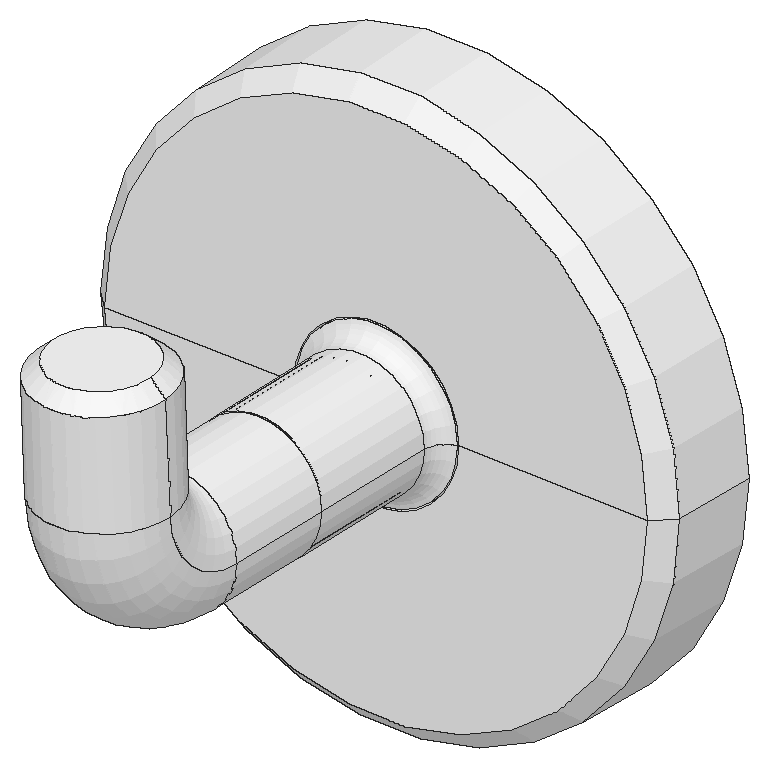
Revit family "53967__Haken HAK", category Generic Models, Revit 2014
Parameters
  Color = White
Reference planes
  plane 1 "Center (Front/Back)": y = 0
  plane 2: z = 1033.853
  plane 3 "Center (Left/Right)": x = 0
Forms (mm)
  Revolve 1, solid, material "White" <- "Color", detail levels fine
    sketch origin (0, 0, 1033.853) x (1, 0, 0) y (0, 1, 0)
      loop
        line (-26.036, -7.439) -> (-24.431, -9) -> (-7.427, -9) -> (-7.427, -7.6) -> (-20.966, -7.6) -> (-23.746, -7.6) -> (-24.602, -6.744) -> (-24.789, 0) -> (-26.243, 0) -> (-26.036, -7.439)
      axis (0, 0) -> (0, -9)
    angle from 0 to 360
  Sweep 2, solid, material "White" <- "Color", detail levels fine
    path origin (0, 10, 0) x (0, 1, 0) y (0, 0, -1)
      loop
        line (-22.4, -1033.853) -> (-41.903, -1033.853)
        arc (-41.903, -1033.853) -> (-47.066, -1035.912) -> (-49.393, -1040.96) r 7.5
        line (-49.393, -1040.96) -> (-49.964, -1051.853)
    profile origin (0, -22.151, 1033.853) x (0, 0, 1) y (-1, 0, 0)
      loop
        circle (0, 0) r 5.75
  Sweep 3, void, detail levels fine
    path in 3D
      loop
        arc (5.75, -39.931, 1051.852) -> (0, -34.189, 1052.153) -> (-5.75, -39.931, 1051.852) r 5.75
        arc (-5.75, -39.931, 1051.852) -> (0, -45.673, 1051.551) -> (5.75, -39.931, 1051.852) r 5.75
    profile "Chamfer Profile : Chamfer Profile" origin (0, -34.189, 1052.153) x (0, 1, 0) y (0, 0, 1)
      loop
        line (-0.41, 0.531) -> (-0.41, -1.71) -> (1.831, 0.531) -> (-0.41, 0.531)
  Revolve 4, solid, material "White" <- "Color", detail levels fine
    sketch origin (0, 0, 1033.853) x (1, 0, 0) y (0, 1, 0)
      loop
        line (0, -0.097) -> (-6.277, -0.097)
        arc (-6.277, -0.097) -> (-6.984, -0.39) -> (-7.277, -1.097) r 1
        line (-7.277, -1.097) -> (-7.277, -9)
        arc (-7.277, -9) -> (-6.203, -9.721) -> (-5.8, -10.95) r 1.987
        line (-5.8, -10.95) -> (-5.8, -22.4) -> (0, -22.4) -> (0, -0.097)
      axis (0, -0.097) -> (0, -22.4)
    angle from 0 to 360
  Extrusion 5, void
    sketch origin (0, 0, 1033.853) x (1, 0, 0) y (0, 1, 0)
      loop
        line (-8.61, -3.251) -> (-8.61, -5.551) -> (-4.439, -5.551)
        arc (-4.439, -5.551) -> (-4.086, -5.405) -> (-3.939, -5.051) r 0.5
        line (-3.939, -5.051) -> (-3.939, -3.751)
        arc (-3.939, -3.751) -> (-4.086, -3.398) -> (-4.439, -3.251) r 0.5
        line (-4.439, -3.251) -> (-8.61, -3.251)
      loop
        line (8.61, -3.251) -> (4.439, -3.251)
        arc (4.439, -3.251) -> (4.086, -3.398) -> (3.939, -3.751) r 0.5
        line (3.939, -3.751) -> (3.939, -5.051)
        arc (3.939, -5.051) -> (4.086, -5.405) -> (4.439, -5.551) r 0.5
        line (4.439, -5.551) -> (8.61, -5.551) -> (8.61, -3.251)
    from -50 to 50
  Revolve 6, void
    sketch origin (0, 0, 1033.853) x (1, 0, 0) y (0, 1, 0)
      loop
        line (-19.398, -5.051) -> (-21.579, -5.051) -> (-21.579, -6.877) -> (-17.261, -6.877) -> (-17.261, 1.047) -> (-20.436, 1.047) -> (-20.436, -0.051)
        arc (-20.436, -0.051) -> (-19.764, -0.323) -> (-19.469, -0.985) r 0.968
        line (-19.469, -0.985) -> (-19.398, -5.051)
      axis (-17.261, 1.047) -> (-17.261, -6.877)
    angle from 0 to 360
  Revolve 7, void
    sketch origin (-0.01, 0, 1033.849) x (0.707107, 0, 0.707107) y (0, 1, 0)
      loop
        line (-19.398, -5.051) -> (-21.579, -5.051) -> (-21.579, -6.877) -> (-17.261, -6.877) -> (-17.261, 1.047) -> (-20.436, 1.047) -> (-20.436, -0.051)
        arc (-20.436, -0.051) -> (-19.764, -0.323) -> (-19.469, -0.985) r 0.968
        line (-19.469, -0.985) -> (-19.398, -5.051)
      axis (-17.261, 1.047) -> (-17.261, -6.877)
    angle from 0 to 360
  Revolve 8, void
    sketch origin (0, 0, 1033.853) x (-1, 0, 0) y (0, 1, 0)
      loop
        line (-19.398, -5.051) -> (-21.579, -5.051) -> (-21.579, -6.877) -> (-17.261, -6.877) -> (-17.261, 1.047) -> (-20.436, 1.047) -> (-20.436, -0.051)
        arc (-20.436, -0.051) -> (-19.764, -0.323) -> (-19.469, -0.985) r 0.968
        line (-19.469, -0.985) -> (-19.398, -5.051)
      axis (-17.261, 1.047) -> (-17.261, -6.877)
    angle from 0 to 360
  Revolve 9, void
    sketch origin (0.015, 0, 1033.866) x (0, 0, 1) y (0, 1, 0)
      loop
        line (-19.398, -5.051) -> (-21.579, -5.051) -> (-21.579, -6.877) -> (-17.261, -6.877) -> (-17.261, 1.047) -> (-20.436, 1.047) -> (-20.436, -0.051)
        arc (-20.436, -0.051) -> (-19.764, -0.323) -> (-19.469, -0.985) r 0.968
        line (-19.469, -0.985) -> (-19.398, -5.051)
      axis (-17.261, 1.047) -> (-17.261, -6.877)
    angle from 0 to 360
  Revolve 10, void
    sketch origin (0.01, 0, 1033.849) x (-0.707107, 0, 0.707107) y (0, -1, 0)
      loop
        line (-19.398, 5.051) -> (-19.469, 0.985)
        arc (-19.469, 0.985) -> (-19.764, 0.323) -> (-20.436, 0.051) r 0.968
        line (-20.436, 0.051) -> (-20.436, -1.047) -> (-17.261, -1.047) -> (-17.261, 6.877) -> (-21.579, 6.877) -> (-21.579, 5.051) -> (-19.398, 5.051)
      axis (-17.261, -1.047) -> (-17.261, 6.877)
    angle from 0 to 360
  Revolve 11, void
    sketch origin (-0.01, 0, 1033.856) x (0.707107, 0, -0.707107) y (0, -1, 0)
      loop
        line (-19.398, 5.051) -> (-19.469, 0.985)
        arc (-19.469, 0.985) -> (-19.764, 0.323) -> (-20.436, 0.051) r 0.968
        line (-20.436, 0.051) -> (-20.436, -1.047) -> (-17.261, -1.047) -> (-17.261, 6.877) -> (-21.579, 6.877) -> (-21.579, 5.051) -> (-19.398, 5.051)
      axis (-17.261, -1.047) -> (-17.261, 6.877)
    angle from 0 to 360
  Revolve 12, void
    sketch origin (0.01, 0, 1033.856) x (-0.707107, 0, -0.707107) y (0, 1, 0)
      loop
        line (-19.398, -5.051) -> (-21.579, -5.051) -> (-21.579, -6.877) -> (-17.261, -6.877) -> (-17.261, 1.047) -> (-20.436, 1.047) -> (-20.436, -0.051)
        arc (-20.436, -0.051) -> (-19.764, -0.323) -> (-19.469, -0.985) r 0.968
        line (-19.469, -0.985) -> (-19.398, -5.051)
      axis (-17.261, 1.047) -> (-17.261, -6.877)
    angle from 0 to 360
  Extrusion 13, solid, material "White" <- "Color", detail levels fine
    sketch origin (0, 0, 0) x (1, 0, 0) y (0, 0, 1)
      loop
        line (-7.5, 1057.163) -> (-7.5, 1033.735)
        arc (-7.5, 1033.735) -> (0.051, 1026.339) -> (7.5, 1033.839) r 7.5
        line (7.5, 1033.839) -> (7.5, 1057.162)
        arc (7.5, 1057.162) -> (-0.001, 1009.339) -> (-7.5, 1057.163) r 24.5
    from 0.051 to 5.551
  Extrusion 14, solid, material "White" <- "Color", detail levels fine
    sketch origin (0, 0, 0) x (1, 0, 0) y (0, 0, 1)
      loop
        arc (7.5, 1057.163) -> (7.005, 1057.153) -> (6.604, 1056.862) r 0.826
        line (6.604, 1056.862) -> (4.185, 1053.409)
        arc (4.185, 1053.409) -> (3.983, 1053) -> (3.914, 1052.549) r 1.5
        line (3.914, 1052.549) -> (3.914, 1033.839)
        arc (3.914, 1033.839) -> (0.086, 1029.925) -> (-3.911, 1033.665) r 3.914
        line (-3.911, 1033.665) -> (-3.911, 1052.54)
        arc (-3.911, 1052.54) -> (-3.98, 1052.995) -> (-4.183, 1053.407) r 1.5
        line (-4.183, 1053.407) -> (-6.59, 1056.844)
        arc (-6.59, 1056.844) -> (-6.994, 1057.15) -> (-7.5, 1057.163) r 0.826
        line (-7.5, 1057.163) -> (-7.5, 1033.735)
        arc (-7.5, 1033.735) -> (0.051, 1026.339) -> (7.5, 1033.839) r 7.5
        line (7.5, 1033.839) -> (7.5, 1057.163)
    from 3.251 to 5.551
  Revolve 15, solid, material "White" <- "Color", detail levels medium
    sketch origin (0, 0, 1033.853) x (1, 0, 0) y (0, 1, 0)
      loop
        line (0, 0) -> (-26.243, 0) -> (-26.243, -7.238) -> (-24.431, -9) -> (0, -9) -> (0, 0)
      axis (0, 0) -> (0, -9)
    angle from 0 to 360
  Sweep 16, solid, material "White" <- "Color", detail levels medium
    path origin (0, 10, 0) x (0, 1, 0) y (0, 0, -1)
      loop
        line (-22.4, -1033.853) -> (-41.931, -1033.853)
        arc (-41.931, -1033.853) -> (-47.588, -1036.196) -> (-49.931, -1041.853) r 8
        line (-49.931, -1041.853) -> (-49.931, -1052.083)
    profile origin (0, -22.165, 1033.853) x (0, 0, 1) y (-1, 0, 0)
      loop
        circle (0, 0) r 5.75
  Extrusion 17, solid, material "White" <- "Color", detail levels coarse
    sketch origin (0, 0, 0) x (0, 1, 0) y (0, 0, 1)
      loop
        line (0, 1060.083) -> (-45.681, 1060.083) -> (-45.681, 1007.503) -> (0, 1007.503) -> (0, 1060.083)
    from -26.303 to 26.26
Cuts and joins
  Sweep 3 cuts Sweep 2
  Extrusion 5 cuts Revolve 4
  Revolve 6, Revolve 7, Revolve 8, Revolve 9, Revolve 10, Revolve 11, Revolve 12 cuts Extrusion 13
Lines and regions (mm)
  sketch lines
    curve 1: arc (-5.75, -39.931, 1051.852) -> (0, -45.673, 1051.551) -> (5.75, -39.931, 1051.852) r 5.75
    curve 2: arc (5.75, -39.931, 1051.852) -> (0, -34.189, 1052.153) -> (-5.75, -39.931, 1051.852) r 5.75
Dimensions and locks
  aligned and locked: level to plane 2
  aligned and locked: Revolve 1 sketch curve to plane 3 "Center (Left/Right)"
